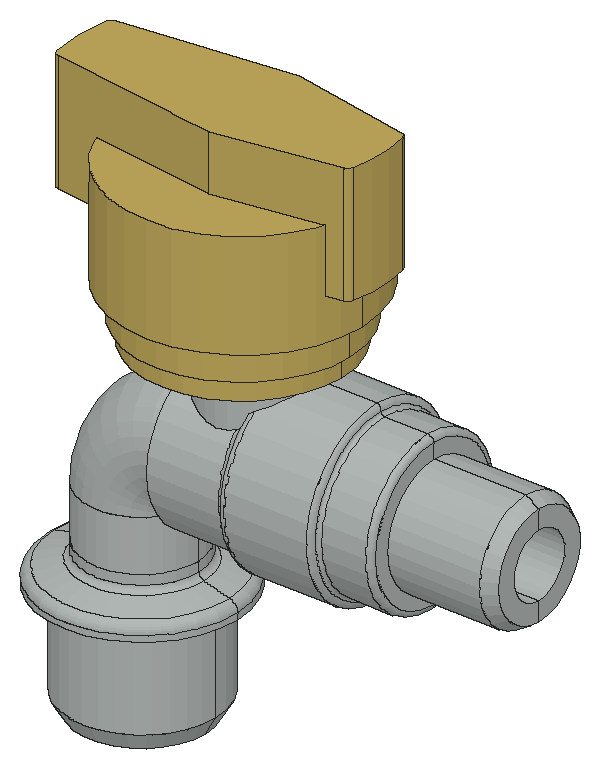
Revit family "QP21330000", category Apparecchi idraulici, Revit 2020
Family settings
  Quota connettore circolare = Usa diametro
  Tipo di parte = Normale
  Numero OmniClass = 23.45.00.00
  Titolo OmniClass = Sanitary, Laundry, and Cleaning Equipment
  Basato su piano di lavoro = No
  Sempre verticale = Sì
  Taglio con vuoti quando caricato = No
  Condiviso = No
  Punto di calcolo locali = No
Parameters
  URL = "https://web.cimberio.com/index.php/figura/118?subcategoria_id="
  Temperatura di esercizio = "-20 ÷ 60°C"
  Prospetto di default = 0 mm
  Produttore = "CIMBERIO SPA"
  Pressione nominale = "MOP 5"
  Modello = "Cim 151PG"
  Materiale = "Prodotto in lega di ottone conforme alla norma EN 12165-CW617N-DW"
  Descrizione = "Utilizzato nell’impiantistica distributiva di gas a bassa pressione per le categorie:\r\nGas naturali: gas derivati dal petrolio (Metano) e gas di ricambio.\r\nGas di città: prodotti secondo i diversi procedimenti (Cracking - Cokerie - ecc.).\r\nGas liquidi: propano e miscele di gas propano/butano"
  DN Model [instance] = QP21332077 : QP21332077
  DN [instance] = 9 mm
  Commenti sul tipo = "Realizzato in ottemperanza ai requisiti gestionali della norma EN ISO 9001.\r\nCollaudato al 100% secondo la normativa EN 12266-1"
Reference planes
  plane 1 "Centro (Fronte/Retro)": y = 0
  plane 2: z = 0
  plane 3 "Centro (Sinistra/Destra)": x = 0
Dimensions and locks
  aligned and locked: level to plane 2
Nested families
  nested 1: "QP21332077" at (0, 0, 0), type <- "DN Model", type "QP21332077"
  nested 2: "QP21332077" at (0, 0, 0), type <- "DN Model", type "QP21332077"
  nested 3: "QP21332077" at (0, 0, 0), type <- "DN Model", type "QP21332077"
  nested 4: "QP21332077" at (0, 0, 0), type <- "DN Model", type "QP21332077"
  nested 5: "QP21332077" at (0, 0, 0), type <- "DN Model", type "QP21332077"
  nested 6: "QP21332077" at (0, 0, 0), type <- "DN Model", type "QP21332077"
  nested 7: "QP21332077" at (0, 0, 0), type <- "DN Model", type "QP21332077"
  nested 8: "QP21332077" at (0, 0, 0), type <- "DN Model", type "QP21332077"
  nested 9: "QP21332077" at (0, 0, 0), type <- "DN Model", type "QP21332077"
Connectors
  piping at (40.291, 0, 0), diameter 9, driven by "DN"
    settings: on nested 1, index 1, connector inside diameter 609.6 mm, connector length 0 mm, flow factor 0, pipe flow 0.0 L/s, pressure drop 0.0 Pa, fitting loss kfactor 0, connector angle 0.00°, fixture units 0, engagement length 0 mm, angle of deflection 0.00°, flow configuration 0, flow direction 0, fitting loss method 0, system type 7, joint type 0, gender type 0, connector reference index -1, connector utility 0, adjustable connector no, is connector primary yes, connector description ""
  piping at (-16, 0, -37.983), diameter 9, driven by "DN"
    settings: on nested 1, index 2, connector inside diameter 609.6 mm, connector length 0 mm, flow factor 0, pipe flow 0.0 L/s, pressure drop 0.0 Pa, fitting loss kfactor 0, connector angle 0.00°, fixture units 0, engagement length 0 mm, angle of deflection 0.00°, flow configuration 0, flow direction 0, fitting loss method 0, system type 7, joint type 0, gender type 0, connector reference index -1, connector utility 0, adjustable connector no, is connector primary no, connector description ""
Definition of nested family "QP21332077"
  Parameters (values of type "QP21332077")
    URL = ""
    Default Elevation = 0 mm
    Manufacturer = ""
    Model = ""
    Description = ""
    Type Comments = ""
  Reference planes
    plane 1 "Centro (Fronte/Retro)": y = 0
    plane 2: z = 0
    plane 3 "Centro (Sinistra/Destra)": x = 0
  Forms (mm)
    Revolve 1, solid
      sketch origin (0.744, 0, 1.406) x (1, 0, 0) y (0, 0, 1)
        loop
          line (-0.744, 12.611) -> (11.586, 12.611) -> (11.586, 15.611) -> (12.747, 15.611) -> (12.747, 20.111) -> (14.547, 20.111) -> (14.547, 35.111) -> (-0.744, 35.111) -> (-0.744, 12.611)
        axis (-2.503, 12.611) -> (-2.503, 35.111)
      angle from 0 to 360
    Revolve 2, solid
      sketch origin (0.751, 0, 1.446) x (1, 0, 0) y (0, 0, 1)
        loop
          arc (3.746, 33.15) -> (3.6, 33.504) -> (3.246, 33.65) r 0.5
          line (3.246, 33.65) -> (-0.754, 33.65) -> (-0.754, 31.443) -> (3.746, 31.443) -> (3.746, 33.15)
        axis (-0.754, 33.65) -> (-0.754, 31.443)
      angle from 0 to 360
    Revolve 3, solid
      sketch origin (1.758, 0, 0) x (1, 0, 0) y (0, 0, 1)
        loop
          line (-0.754, 4.83) -> (7.416, 4.83) -> (7.416, 16.081) -> (-0.754, 16.081) -> (-0.754, 4.83)
        axis (-0.754, 16.081) -> (-0.754, 4.83)
      angle from 0 to 360
    Revolve 4, solid
      sketch origin (0, 0, 0) x (1, 0, 0) y (0, 0, 1)
        loop
          line (18.3, -11.083) -> (24.521, -11.083)
          arc (24.521, -11.083) -> (25.088, -10.848) -> (25.323, -10.281) r 0.802
          line (25.323, -10.281) -> (25.323, -4.5) -> (-6.523, -4.5) -> (-6.523, -10.983) -> (3.557, -10.983)
          arc (3.557, -10.983) -> (4.268, -11.328) -> (4.711, -11.983) r 1.528
          arc (4.711, -11.983) -> (5.077, -12.349) -> (5.577, -12.483) r 1
          line (5.577, -12.483) -> (17.3, -12.483)
          arc (17.3, -12.483) -> (17.636, -12.081) -> (17.8, -11.583) r 1.391
          arc (17.8, -11.583) -> (17.946, -11.229) -> (18.3, -11.083) r 0.5
        axis (-6.523, 0) -> (25.323, 0)
      angle from 0 to 360
    Revolve 5, solid
      sketch origin (0, 0, 0) x (1, 0, 0) y (0, 0, 1)
        loop
          line (-20.5, -21.983) -> (-26.45, -21.983) -> (-26.45, -35.483) -> (-25.007, -37.983) -> (-20.5, -37.983) -> (-20.5, -21.983)
        axis (-16, -37.983) -> (-16, -21.983)
      angle from 0 to 360
    Revolve 6, solid
      sketch origin (0, 0, 0) x (1, 0, 0) y (0, 0, 1)
        loop
          line (-20.5, -16.475) -> (-24.012, -16.475) -> (-24.012, -17.826)
          arc (-24.012, -17.826) -> (-24.242, -18.384) -> (-24.75, -18.708) r 1
          line (-24.75, -18.708) -> (-28.397, -19.685)
          arc (-28.397, -19.685) -> (-29.199, -20.221) -> (-29.509, -21.134) r 1.5
          line (-29.509, -21.134) -> (-29.509, -21.983) -> (-20.5, -21.983) -> (-20.5, -16.475)
        axis (-16, -16.475) -> (-16, -21.983)
      angle from 0 to 360
    Sweep 7, solid
      path origin (0, 0, 0) x (1, 0, 0) y (0, 0, 1)
        loop
          arc (-6.523, 0) -> (-13.208, -2.611) -> (-16, -9.222) r 9.226
          line (-16, -9.222) -> (-16, -16.475)
      profile origin (-16, 0, -12.849) x (0, -1, 0) y (1, 0, 0)
        loop
          circle (0, 0) r 8
        loop
          circle (0, 0) r 4.5
    Revolve 8, solid
      sketch origin (0, 0, 0) x (1, 0, 0) y (0, 0, 1)
        loop
          line (25.291, 8.247) -> (25.291, 4.5) -> (40.291, 4.5) -> (40.291, 7.151) -> (38.434, 8.247) -> (25.291, 8.247)
        axis (40.291, 0) -> (25.291, 0)
      angle from 0 to 360
    Extrusion 9, solid
      sketch origin (0, 0, 0) x (1, 0, 0) y (0, 1, 0)
        loop
          arc (-23.779, 5.078) -> (-24.346, 4.809) -> (-24.642, 4.256) r 0.999
          arc (-24.642, 4.256) -> (-25.009, -0.012) -> (-24.642, -4.28) r 25
          arc (-24.642, -4.28) -> (-24.346, -4.833) -> (-23.779, -5.101) r 0.999
          line (-23.779, -5.101) -> (-0.167, -8.012) -> (16.654, -5.12)
          arc (16.654, -5.12) -> (17.164, -4.868) -> (17.454, -4.377) r 0.999
          arc (17.454, -4.377) -> (17.991, -0.012) -> (17.454, 4.354) r 18
          arc (17.454, 4.354) -> (17.164, 4.844) -> (16.654, 5.096) r 0.999
          line (16.654, 5.096) -> (-0.167, 7.988) -> (-23.779, 5.078)
      from 27.563 to 44.383
  Dimensions and locks
    aligned and locked: level to plane 2
